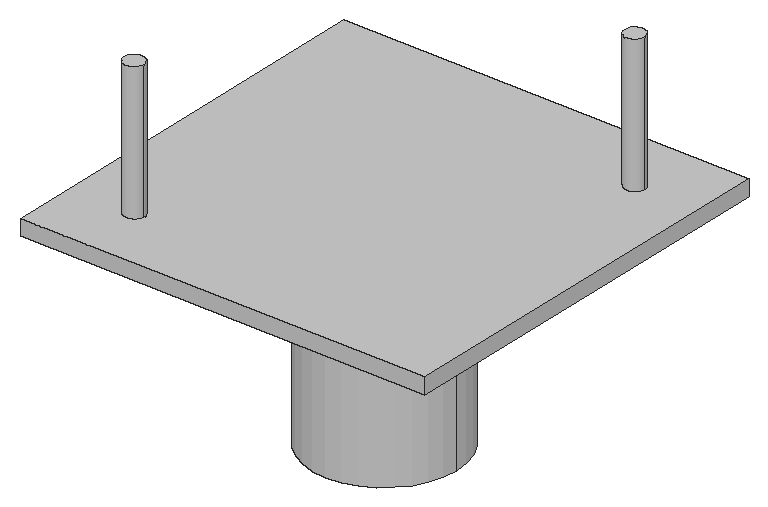
Revit family "Tete_Béton", category Modèles génériques, Revit 2017
Family settings
  Hôte = Face
  Peut héberger une armature = Non
  Cote de connecteur circulaire = Utiliser le diamètre
  Type d'élément = Normal
  Couper avec des vides une fois chargée = Non
  Partagée = Non
  Point de calcul de pièce = Non
Parameters
  Default Elevation = 48"
Reference planes (in)
  plane 1 "Centre (avant/arrière)": y = 0
  plane 2: z = 0
  plane 3 "Centre (gauche/droite)": x = 0
Forms (in)
  Extrusion 1, void
    sketch origin (0, 0, 0) x (1, 0, 0) y (0, 1, 0)
      loop
        line (-2.5, 2.5) -> (-2.5, -2.5) -> (2.5, -2.5) -> (2.5, 2.5) -> (-2.5, 2.5)
    from 0 to -0.25
  Extrusion 2, solid, material "Acier"
    sketch origin (0, -3.06326, -0.3125) x (1, 0, 0) y (0, 1, 0)
      loop
        circle (0, 3.06326) r 1.4375
    from 0 to -4
  Sweep 3, solid, material "Soudure"
    path origin (0, -3.06326, -0.3125) x (1, 0, 0) y (0, 1, 0)
      loop
        circle (0, 3.06326) r 1.4375
    profile origin (0, 1.4375, -0.3125) x (0, -1, 0) y (0, 0, 1)
      loop
        line (0, 0) -> (-0.25, 0) -> (0, -0.25) -> (0, 0)
  Extrusion 4, solid, material "Acier"
    sketch origin (0, 0, -0.3125) x (1, 0, 0) y (0, 1, 0)
      loop
        line (-4, 4) -> (-4, -4) -> (4, -4) -> (4, 4) -> (-4, 4)
    from 0 to 0.3125
  Extrusion 5, solid, material "Acier"
    sketch origin (0, 0, -0.3125) x (1, 0, 0) y (0, 1, 0)
      loop
        circle (-2.75, -2.75) r 0.19685
      loop
        circle (2.75, 2.75) r 0.19685
    from 0 to 3
Dimensions and locks (in)
  aligned and locked: plane 2 to Extrusion 1
  aligned and locked: level to Extrusion 1
